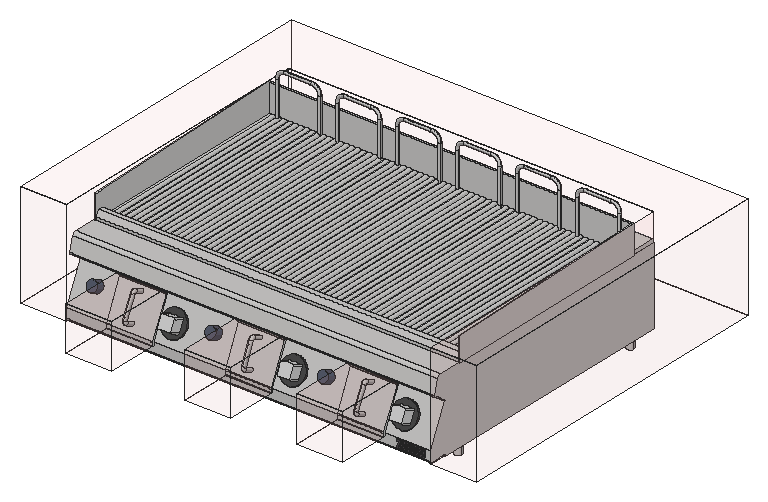
Revit family "QF_ZANUSSI_392066_Z9GRGLGC0P", category Specialty Equipment, Revit 2018
Family settings
  Round Connector Dimension = Use Diameter
  Part Type = Normal
  Work Plane-Based = No
  Always vertical = Yes
  Cut with Voids When Loaded = No
  Shared = No
  Room Calculation Point = No
Parameters
  Weight = 141.00 kg
  Watts = 0 W
  Volts = 0 V
  URL Manufacturer = ""
  URL = ""
  Steam Supply Size = 0"
  Steam Supply Minimum Pressure = 0.00 psi
  Steam Supply Maximum Pressure = 0.00 psi
  Steam Pounds per Hour = 0
  Show Logo [instance] = yes
  Show Clearance [instance] = yes
  Refrigeration Suction Line Size = 0"
  Refrigeration Liquid Line Size = 0"
  Refrigerant Compressor Remote = yes
  Phase = 0
  Model = ""
  Manufacturer = ""
  Length Actual = 1200 mm  # constant formula
  Item Number = ""
  Hot Water Size = 0"
  Height Actual = 250 mm  # constant formula
  HP = "0 HP"
  Gas Size = 0"
  Gas KW = 0
  Gas Input Pressure = 0.0 Btu/h
  Direct Waste Size = 0"
  Description = ""
  Depth Actual = 941 mm  # constant formula
  Cycle = 0 Hz
  Condensate Return Size = 0"
  Compressed Air Volume = 0 GPM
  Compressed Air Size = 0"
  Compressed Air Pressure = 0.00 psi
  Cold Water Size = 0"
  Assembly Code = ""
  Accessory = yes
Reference planes
  plane 1 "BACK": y = -0.25
  plane 2: z = 0
  plane 3 "LEFT": x = 0
  plane 4 "RIGHT": x = 1200
  plane 5 "FRONT": y = -915.25
  plane 6 "TOP": z = 288.313
  plane 7 "Center Y": x = 600
  plane 8 "Center X": y = -457.75
  plane 9 "BASE": z = 649.958
  plane 10 "TOP A": z = 899.958
  plane 11: y = -597.884
  plane 12: y = -147.637
  plane 13: z = 900
  plane 14 "2": z = 648.8
  plane 15 "3": z = 898.8
  plane 16: z = 1048.8
  plane 17: y = -1690.25
Forms (mm)
  Extrusion 1, solid, material "QF_Finishes_Stainless Steel"
    sketch origin (0, 0, 624.988) x (0, 1, 0) y (0, 0, 1)
      loop
        line (-0.25, 275.012) -> (-875.329, 275.012)
        arc (-875.329, 275.012) -> (-883.31, 272.303) -> (-887.993, 265.294) r 13.111
        line (-887.993, 265.294) -> (-900.098, 220.118)
        arc (-900.098, 220.118) -> (-899.175, 216.346) -> (-895.499, 215.098) r 4.036
        line (-895.499, 215.098) -> (-887.813, 216.453) -> (-857.93, 186.571) -> (-915.25, 63.672) -> (-915.25, 32.36)
        arc (-915.25, 32.36) -> (-914.092, 29.798) -> (-911.384, 28.918) r 3.5
        line (-911.384, 28.918) -> (-856.25, 34.713) -> (-856.25, 23.812) -> (-0.25, 23.812) -> (-0.25, 275.012)
    from 0 to 1200
  Extrusion 2, solid, material "QF_Finishes_Stainless Steel"
    sketch origin (0, 0, -1.158) x (0, 1, 0) y (0, 0, 1)
      loop
        line (-82.125, 995.177) -> (-799.446, 978.887) -> (-799.446, 901.158) -> (-82.125, 901.158) -> (-82.125, 995.177)
    from 0 to 3
  Extrusion 3, solid, material "QF_Finishes_Stainless Steel"
    sketch origin (0, 0, -1.158) x (0, 1, 0) y (0, 0, 1)
      loop
        line (-82.125, 908.175) -> (-82.125, 901.158) -> (-1.75, 901.158) -> (-1.75, 913.145) -> (-77.155, 913.145)
        arc (-77.155, 913.145) -> (-80.669, 911.69) -> (-82.125, 908.175) r 4.97
    from 3 to 1197
  Extrusion 4, solid, material "QF_Finishes_Stainless Steel"
    sketch origin (670.275, 0, -1.158) x (0, 1, 0) y (0, 0, 1)
      loop
        line (-861.126, 812.293) -> (-874.318, 825.485) -> (-875.379, 824.425) -> (-862.193, 811.239)
        arc (-862.193, 811.239) -> (-861.785, 810.452) -> (-861.892, 809.573) r 1.5
        line (-861.892, 809.573) -> (-916.472, 692.525)
        arc (-916.472, 692.525) -> (-916.679, 691.905) -> (-916.75, 691.256) r 3
        line (-916.75, 691.256) -> (-916.75, 680.216) -> (-915.25, 680.216) -> (-915.25, 691.407)
        arc (-915.25, 691.407) -> (-915.167, 692.164) -> (-914.922, 692.886) r 3.5
        line (-914.922, 692.886) -> (-860.262, 810.105)
        arc (-860.262, 810.105) -> (-860.471, 811.287) -> (-861.126, 812.293) r 3
    from 223.926 to 375.926
  Sweep 5, solid, material "QF_Finishes_Stainless Steel"
    path origin (970, 166.312, -5.968) x (0, 1, 0) y (0, 0, -1)
      loop
        line (-1035.202, -799.377) -> (-1062.131, -811.935)
        arc (-1062.131, -811.935) -> (-1067.866, -812.185) -> (-1072.098, -808.307) r 7.5
        line (-1072.098, -808.307) -> (-1102.949, -742.147)
        arc (-1102.949, -742.147) -> (-1103.2, -736.412) -> (-1099.322, -732.18) r 7.5
        line (-1099.322, -732.18) -> (-1072.346, -719.601)
    profile origin (970, -882.354, 799.688) x (0, 0.422618, 0.906308) y (-1, 0, 0)
      loop
        circle (0, 0) r 5
  Extrusion 6, solid, material "QF_Finishes_Clearance", visible <- "Show Clearance"
    sketch origin (0, 0, -1.158) x (1, 0, 0) y (0, 1, 0)
      loop
        line (0, -915.25) -> (0, -0.25) -> (1200, -0.25) -> (1200, -915.25) -> (1349, -915.25) -> (1349, 202.75) -> (-152, 202.75) -> (-152, -915.25) -> (0, -915.25)
    from 649.958 to 995.177
  Extrusion 7, solid, material "QF_Finishes_Clearance", visible <- "Show Clearance"
    sketch origin (670.275, 0, -1.158) x (0, 1, 0) y (0, 0, 1)
      loop
        line (-916.75, 676.216) -> (-916.75, 691.256)
        arc (-916.75, 691.256) -> (-916.679, 691.905) -> (-916.472, 692.525) r 3
        line (-916.472, 692.525) -> (-861.892, 809.573)
        arc (-861.892, 809.573) -> (-861.785, 810.452) -> (-862.193, 811.239) r 1.5
        line (-862.193, 811.239) -> (-876.44, 825.485) -> (-1085.25, 825.485) -> (-1085.25, 676.216) -> (-916.75, 676.216)
    from 223.926 to 375.926
  Extrusion 8, solid, material "QF_Finishes_Stainless Steel"
    sketch origin (4, -663, -1.158) x (1, 0, 0) y (0, 1, 0)
      loop
        circle (1144, -50.25) r 9.5
    from 639.958 to 662.998
  Extrusion 9, solid, material "QF_Finishes_Stainless Steel"
    sketch origin (1148.418, -138, 621.045) x (-1, 0, 0) y (0, 0, -1)
      loop
        arc (277.82, -278.955) -> (283.82, -284.955) -> (289.82, -278.955) r 6
        line (289.82, -278.955) -> (289.82, -275.955) -> (277.82, -275.955) -> (277.82, -278.955)
    from -44.663 to 636.446
  Extrusion 10, solid, material "QF_Finishes_Stainless Steel"
    sketch origin (1466.418, -138, 621.045) x (-1, 0, 0) y (0, 0, -1)
      loop
        arc (277.82, -278.955) -> (283.82, -284.955) -> (289.82, -278.955) r 6
        line (289.82, -278.955) -> (289.82, -275.955) -> (277.82, -275.955) -> (277.82, -278.955)
    from -44.663 to 636.446
  Extrusion 11, solid, material "QF_Finishes_Stainless Steel"
    sketch origin (1167.124, -138, 621.045) x (-1, 0, 0) y (0, 0, -1)
      loop
        arc (277.82, -278.955) -> (283.82, -284.955) -> (289.82, -278.955) r 6
        line (289.82, -278.955) -> (289.82, -275.955) -> (277.82, -275.955) -> (277.82, -278.955)
    from -44.663 to 636.446
  Extrusion 12, solid, material "QF_Finishes_Stainless Steel"
    sketch origin (1185.83, -138, 621.045) x (-1, 0, 0) y (0, 0, -1)
      loop
        arc (277.82, -278.955) -> (283.82, -284.955) -> (289.82, -278.955) r 6
        line (289.82, -278.955) -> (289.82, -275.955) -> (277.82, -275.955) -> (277.82, -278.955)
    from -44.663 to 636.446
  Extrusion 13, solid, material "QF_Finishes_Stainless Steel"
    sketch origin (1204.536, -138, 621.045) x (-1, 0, 0) y (0, 0, -1)
      loop
        arc (277.82, -278.955) -> (283.82, -284.955) -> (289.82, -278.955) r 6
        line (289.82, -278.955) -> (289.82, -275.955) -> (277.82, -275.955) -> (277.82, -278.955)
    from -44.663 to 636.446
  Extrusion 14, solid, material "QF_Finishes_Stainless Steel"
    sketch origin (1223.242, -138, 621.045) x (-1, 0, 0) y (0, 0, -1)
      loop
        arc (277.82, -278.955) -> (283.82, -284.955) -> (289.82, -278.955) r 6
        line (289.82, -278.955) -> (289.82, -275.955) -> (277.82, -275.955) -> (277.82, -278.955)
    from -44.663 to 636.446
  Extrusion 15, solid, material "QF_Finishes_Stainless Steel"
    sketch origin (1241.948, -138, 621.045) x (-1, 0, 0) y (0, 0, -1)
      loop
        arc (277.82, -278.955) -> (283.82, -284.955) -> (289.82, -278.955) r 6
        line (289.82, -278.955) -> (289.82, -275.955) -> (277.82, -275.955) -> (277.82, -278.955)
    from -44.663 to 636.446
  Extrusion 16, solid, material "QF_Finishes_Stainless Steel"
    sketch origin (1260.653, -138, 621.045) x (-1, 0, 0) y (0, 0, -1)
      loop
        arc (277.82, -278.955) -> (283.82, -284.955) -> (289.82, -278.955) r 6
        line (289.82, -278.955) -> (289.82, -275.955) -> (277.82, -275.955) -> (277.82, -278.955)
    from -44.663 to 636.446
  Extrusion 17, solid, material "QF_Finishes_Stainless Steel"
    sketch origin (1279.359, -138, 621.045) x (-1, 0, 0) y (0, 0, -1)
      loop
        arc (277.82, -278.955) -> (283.82, -284.955) -> (289.82, -278.955) r 6
        line (289.82, -278.955) -> (289.82, -275.955) -> (277.82, -275.955) -> (277.82, -278.955)
    from -44.663 to 636.446
  Extrusion 18, solid, material "QF_Finishes_Stainless Steel"
    sketch origin (1298.065, -138, 621.045) x (-1, 0, 0) y (0, 0, -1)
      loop
        arc (277.82, -278.955) -> (283.82, -284.955) -> (289.82, -278.955) r 6
        line (289.82, -278.955) -> (289.82, -275.955) -> (277.82, -275.955) -> (277.82, -278.955)
    from -44.663 to 636.446
  Extrusion 19, solid, material "QF_Finishes_Stainless Steel"
    sketch origin (1316.771, -138, 621.045) x (-1, 0, 0) y (0, 0, -1)
      loop
        arc (277.82, -278.955) -> (283.82, -284.955) -> (289.82, -278.955) r 6
        line (289.82, -278.955) -> (289.82, -275.955) -> (277.82, -275.955) -> (277.82, -278.955)
    from -44.663 to 636.446
  Extrusion 20, solid, material "QF_Finishes_Stainless Steel"
    sketch origin (1335.477, -138, 621.045) x (-1, 0, 0) y (0, 0, -1)
      loop
        arc (277.82, -278.955) -> (283.82, -284.955) -> (289.82, -278.955) r 6
        line (289.82, -278.955) -> (289.82, -275.955) -> (277.82, -275.955) -> (277.82, -278.955)
    from -44.663 to 636.446
  Extrusion 21, solid, material "QF_Finishes_Stainless Steel"
    sketch origin (1354.183, -138, 621.045) x (-1, 0, 0) y (0, 0, -1)
      loop
        arc (277.82, -278.955) -> (283.82, -284.955) -> (289.82, -278.955) r 6
        line (289.82, -278.955) -> (289.82, -275.955) -> (277.82, -275.955) -> (277.82, -278.955)
    from -44.663 to 636.446
  Extrusion 22, solid, material "QF_Finishes_Stainless Steel"
    sketch origin (1372.889, -138, 621.045) x (-1, 0, 0) y (0, 0, -1)
      loop
        arc (277.82, -278.955) -> (283.82, -284.955) -> (289.82, -278.955) r 6
        line (289.82, -278.955) -> (289.82, -275.955) -> (277.82, -275.955) -> (277.82, -278.955)
    from -44.663 to 636.446
  Extrusion 23, solid, material "QF_Finishes_Stainless Steel"
    sketch origin (1391.595, -138, 621.045) x (-1, 0, 0) y (0, 0, -1)
      loop
        arc (277.82, -278.955) -> (283.82, -284.955) -> (289.82, -278.955) r 6
        line (289.82, -278.955) -> (289.82, -275.955) -> (277.82, -275.955) -> (277.82, -278.955)
    from -44.663 to 636.446
  Extrusion 24, solid, material "QF_Finishes_Stainless Steel"
    sketch origin (1410.301, -138, 621.045) x (-1, 0, 0) y (0, 0, -1)
      loop
        arc (277.82, -278.955) -> (283.82, -284.955) -> (289.82, -278.955) r 6
        line (289.82, -278.955) -> (289.82, -275.955) -> (277.82, -275.955) -> (277.82, -278.955)
    from -44.663 to 636.446
  Extrusion 25, solid, material "QF_Finishes_Stainless Steel"
    sketch origin (1429.006, -138, 621.045) x (-1, 0, 0) y (0, 0, -1)
      loop
        arc (277.82, -278.955) -> (283.82, -284.955) -> (289.82, -278.955) r 6
        line (289.82, -278.955) -> (289.82, -275.955) -> (277.82, -275.955) -> (277.82, -278.955)
    from -44.663 to 636.446
  Extrusion 26, solid, material "QF_Finishes_Stainless Steel"
    sketch origin (1447.712, -138, 621.045) x (-1, 0, 0) y (0, 0, -1)
      loop
        arc (277.82, -278.955) -> (283.82, -284.955) -> (289.82, -278.955) r 6
        line (289.82, -278.955) -> (289.82, -275.955) -> (277.82, -275.955) -> (277.82, -278.955)
    from -44.663 to 636.446
  Extrusion 27, solid, material "QF_Finishes_Stainless Steel"
    sketch origin (1129.712, -138, 621.045) x (-1, 0, 0) y (0, 0, -1)
      loop
        arc (277.82, -278.955) -> (283.82, -284.955) -> (289.82, -278.955) r 6
        line (289.82, -278.955) -> (289.82, -275.955) -> (277.82, -275.955) -> (277.82, -278.955)
    from -44.663 to 636.446
  Extrusion 28, solid, material "QF_Finishes_Stainless Steel"
    sketch origin (1111.006, -138, 621.045) x (-1, 0, 0) y (0, 0, -1)
      loop
        arc (277.82, -278.955) -> (283.82, -284.955) -> (289.82, -278.955) r 6
        line (289.82, -278.955) -> (289.82, -275.955) -> (277.82, -275.955) -> (277.82, -278.955)
    from -44.663 to 636.446
  Extrusion 29, solid, material "QF_Finishes_Stainless Steel"
    sketch origin (1092.301, -138, 621.045) x (-1, 0, 0) y (0, 0, -1)
      loop
        arc (277.82, -278.955) -> (283.82, -284.955) -> (289.82, -278.955) r 6
        line (289.82, -278.955) -> (289.82, -275.955) -> (277.82, -275.955) -> (277.82, -278.955)
    from -44.663 to 636.446
  Extrusion 30, solid, material "QF_Finishes_Stainless Steel"
    sketch origin (0, 0, 0) x (1, 0, 0) y (0, 1, 0)
      loop
        line (3, -82.125) -> (3, -85.125) -> (1197, -85.125) -> (1197, -82.125) -> (3, -82.125)
    from 900 to 994.019
  Extrusion 31, solid, material "QF_Finishes_Stainless Steel"
    sketch origin (1200, 0, -1.158) x (0, 1, 0) y (0, 0, -1)
      loop
        line (-82.125, -995.177) -> (-82.125, -901.158) -> (-799.446, -901.158) -> (-799.446, -978.887) -> (-82.125, -995.177)
    from 0 to 3
  Sweep 32, solid, material "QF_Finishes_Stainless Steel"
    path origin (1021.375, -95.125, 0) x (-1, 0, 0) y (0, 0, -1)
      loop
        line (984, -900) -> (984, -1019.8)
        arc (984, -1019.8) -> (976.678, -1037.478) -> (959, -1044.8) r 25
        line (959, -1044.8) -> (869, -1044.8)
        arc (869, -1044.8) -> (851.322, -1037.478) -> (844, -1019.8) r 25
        line (844, -1019.8) -> (844, -900)
    profile origin (37.375, -95.125, 959.9) x (-1, 0, 0) y (0, -1, 0)
      loop
        circle (0, 0) r 4
  Sweep 33, solid, material "QF_Finishes_Stainless Steel"
    path origin (2008.25, -95.125, 0) x (-1, 0, 0) y (0, 0, -1)
      loop
        line (984, -900) -> (984, -1019.8)
        arc (984, -1019.8) -> (976.678, -1037.478) -> (959, -1044.8) r 25
        line (959, -1044.8) -> (869, -1044.8)
        arc (869, -1044.8) -> (851.322, -1037.478) -> (844, -1019.8) r 25
        line (844, -1019.8) -> (844, -900)
    profile origin (1024.25, -95.125, 959.9) x (-1, 0, 0) y (0, -1, 0)
      loop
        circle (0, 0) r 4
  Sweep 34, solid, material "QF_Finishes_Stainless Steel"
    path origin (1218.75, -95.125, 0) x (-1, 0, 0) y (0, 0, -1)
      loop
        line (984, -900) -> (984, -1019.8)
        arc (984, -1019.8) -> (976.678, -1037.478) -> (959, -1044.8) r 25
        line (959, -1044.8) -> (869, -1044.8)
        arc (869, -1044.8) -> (851.322, -1037.478) -> (844, -1019.8) r 25
        line (844, -1019.8) -> (844, -900)
    profile origin (234.75, -95.125, 959.9) x (-1, 0, 0) y (0, -1, 0)
      loop
        circle (0, 0) r 4
  Sweep 35, solid, material "QF_Finishes_Stainless Steel"
    path origin (1416.125, -95.125, 0) x (-1, 0, 0) y (0, 0, -1)
      loop
        line (984, -900) -> (984, -1019.8)
        arc (984, -1019.8) -> (976.678, -1037.478) -> (959, -1044.8) r 25
        line (959, -1044.8) -> (869, -1044.8)
        arc (869, -1044.8) -> (851.322, -1037.478) -> (844, -1019.8) r 25
        line (844, -1019.8) -> (844, -900)
    profile origin (432.125, -95.125, 959.9) x (-1, 0, 0) y (0, -1, 0)
      loop
        circle (0, 0) r 4
  Sweep 36, solid, material "QF_Finishes_Stainless Steel"
    path origin (1613.5, -95.125, 0) x (-1, 0, 0) y (0, 0, -1)
      loop
        line (984, -900) -> (984, -1019.8)
        arc (984, -1019.8) -> (976.678, -1037.478) -> (959, -1044.8) r 25
        line (959, -1044.8) -> (869, -1044.8)
        arc (869, -1044.8) -> (851.322, -1037.478) -> (844, -1019.8) r 25
        line (844, -1019.8) -> (844, -900)
    profile origin (629.5, -95.125, 959.9) x (-1, 0, 0) y (0, -1, 0)
      loop
        circle (0, 0) r 4
  Sweep 37, solid, material "QF_Finishes_Stainless Steel"
    path origin (1810.875, -95.125, 0) x (-1, 0, 0) y (0, 0, -1)
      loop
        line (984, -900) -> (984, -1019.8)
        arc (984, -1019.8) -> (976.678, -1037.478) -> (959, -1044.8) r 25
        line (959, -1044.8) -> (869, -1044.8)
        arc (869, -1044.8) -> (851.322, -1037.478) -> (844, -1019.8) r 25
        line (844, -1019.8) -> (844, -900)
    profile origin (826.875, -95.125, 959.9) x (-1, 0, 0) y (0, -1, 0)
      loop
        circle (0, 0) r 4
  Extrusion 38, solid, material "QF_Finishes_Stainless Steel"
    sketch origin (774.3, -138, 621.045) x (-1, 0, 0) y (0, 0, -1)
      loop
        arc (277.82, -278.955) -> (283.82, -284.955) -> (289.82, -278.955) r 6
        line (289.82, -278.955) -> (289.82, -275.955) -> (277.82, -275.955) -> (277.82, -278.955)
    from -44.663 to 636.446
  Extrusion 39, solid, material "QF_Finishes_Stainless Steel"
    sketch origin (793.006, -138, 621.045) x (-1, 0, 0) y (0, 0, -1)
      loop
        arc (277.82, -278.955) -> (283.82, -284.955) -> (289.82, -278.955) r 6
        line (289.82, -278.955) -> (289.82, -275.955) -> (277.82, -275.955) -> (277.82, -278.955)
    from -44.663 to 636.446
  Extrusion 40, solid, material "QF_Finishes_Stainless Steel"
    sketch origin (811.712, -138, 621.045) x (-1, 0, 0) y (0, 0, -1)
      loop
        arc (277.82, -278.955) -> (283.82, -284.955) -> (289.82, -278.955) r 6
        line (289.82, -278.955) -> (289.82, -275.955) -> (277.82, -275.955) -> (277.82, -278.955)
    from -44.663 to 636.446
  Extrusion 41, solid, material "QF_Finishes_Stainless Steel"
    sketch origin (830.418, -138, 621.045) x (-1, 0, 0) y (0, 0, -1)
      loop
        arc (277.82, -278.955) -> (283.82, -284.955) -> (289.82, -278.955) r 6
        line (289.82, -278.955) -> (289.82, -275.955) -> (277.82, -275.955) -> (277.82, -278.955)
    from -44.663 to 636.446
  Extrusion 42, solid, material "QF_Finishes_Stainless Steel"
    sketch origin (849.124, -138, 621.045) x (-1, 0, 0) y (0, 0, -1)
      loop
        arc (277.82, -278.955) -> (283.82, -284.955) -> (289.82, -278.955) r 6
        line (289.82, -278.955) -> (289.82, -275.955) -> (277.82, -275.955) -> (277.82, -278.955)
    from -44.663 to 636.446
  Extrusion 43, solid, material "QF_Finishes_Stainless Steel"
    sketch origin (867.83, -138, 621.045) x (-1, 0, 0) y (0, 0, -1)
      loop
        arc (277.82, -278.955) -> (283.82, -284.955) -> (289.82, -278.955) r 6
        line (289.82, -278.955) -> (289.82, -275.955) -> (277.82, -275.955) -> (277.82, -278.955)
    from -44.663 to 636.446
  Extrusion 44, solid, material "QF_Finishes_Stainless Steel"
    sketch origin (886.536, -138, 621.045) x (-1, 0, 0) y (0, 0, -1)
      loop
        arc (277.82, -278.955) -> (283.82, -284.955) -> (289.82, -278.955) r 6
        line (289.82, -278.955) -> (289.82, -275.955) -> (277.82, -275.955) -> (277.82, -278.955)
    from -44.663 to 636.446
  Extrusion 45, solid, material "QF_Finishes_Stainless Steel"
    sketch origin (905.242, -138, 621.045) x (-1, 0, 0) y (0, 0, -1)
      loop
        arc (277.82, -278.955) -> (283.82, -284.955) -> (289.82, -278.955) r 6
        line (289.82, -278.955) -> (289.82, -275.955) -> (277.82, -275.955) -> (277.82, -278.955)
    from -44.663 to 636.446
  Extrusion 46, solid, material "QF_Finishes_Stainless Steel"
    sketch origin (923.948, -138, 621.045) x (-1, 0, 0) y (0, 0, -1)
      loop
        arc (277.82, -278.955) -> (283.82, -284.955) -> (289.82, -278.955) r 6
        line (289.82, -278.955) -> (289.82, -275.955) -> (277.82, -275.955) -> (277.82, -278.955)
    from -44.663 to 636.446
  Extrusion 47, solid, material "QF_Finishes_Stainless Steel"
    sketch origin (942.653, -138, 621.045) x (-1, 0, 0) y (0, 0, -1)
      loop
        arc (277.82, -278.955) -> (283.82, -284.955) -> (289.82, -278.955) r 6
        line (289.82, -278.955) -> (289.82, -275.955) -> (277.82, -275.955) -> (277.82, -278.955)
    from -44.663 to 636.446
  Extrusion 48, solid, material "QF_Finishes_Stainless Steel"
    sketch origin (961.359, -138, 621.045) x (-1, 0, 0) y (0, 0, -1)
      loop
        arc (277.82, -278.955) -> (283.82, -284.955) -> (289.82, -278.955) r 6
        line (289.82, -278.955) -> (289.82, -275.955) -> (277.82, -275.955) -> (277.82, -278.955)
    from -44.663 to 636.446
  Extrusion 49, solid, material "QF_Finishes_Stainless Steel"
    sketch origin (980.065, -138, 621.045) x (-1, 0, 0) y (0, 0, -1)
      loop
        arc (277.82, -278.955) -> (283.82, -284.955) -> (289.82, -278.955) r 6
        line (289.82, -278.955) -> (289.82, -275.955) -> (277.82, -275.955) -> (277.82, -278.955)
    from -44.663 to 636.446
  Extrusion 50, solid, material "QF_Finishes_Stainless Steel"
    sketch origin (998.771, -138, 621.045) x (-1, 0, 0) y (0, 0, -1)
      loop
        arc (277.82, -278.955) -> (283.82, -284.955) -> (289.82, -278.955) r 6
        line (289.82, -278.955) -> (289.82, -275.955) -> (277.82, -275.955) -> (277.82, -278.955)
    from -44.663 to 636.446
  Extrusion 51, solid, material "QF_Finishes_Stainless Steel"
    sketch origin (1017.477, -138, 621.045) x (-1, 0, 0) y (0, 0, -1)
      loop
        arc (277.82, -278.955) -> (283.82, -284.955) -> (289.82, -278.955) r 6
        line (289.82, -278.955) -> (289.82, -275.955) -> (277.82, -275.955) -> (277.82, -278.955)
    from -44.663 to 636.446
  Extrusion 52, solid, material "QF_Finishes_Stainless Steel"
    sketch origin (1036.183, -138, 621.045) x (-1, 0, 0) y (0, 0, -1)
      loop
        arc (277.82, -278.955) -> (283.82, -284.955) -> (289.82, -278.955) r 6
        line (289.82, -278.955) -> (289.82, -275.955) -> (277.82, -275.955) -> (277.82, -278.955)
    from -44.663 to 636.446
  Extrusion 53, solid, material "QF_Finishes_Stainless Steel"
    sketch origin (1054.889, -138, 621.045) x (-1, 0, 0) y (0, 0, -1)
      loop
        arc (277.82, -278.955) -> (283.82, -284.955) -> (289.82, -278.955) r 6
        line (289.82, -278.955) -> (289.82, -275.955) -> (277.82, -275.955) -> (277.82, -278.955)
    from -44.663 to 636.446
  Extrusion 54, solid, material "QF_Finishes_Stainless Steel"
    sketch origin (1073.595, -138, 621.045) x (-1, 0, 0) y (0, 0, -1)
      loop
        arc (277.82, -278.955) -> (283.82, -284.955) -> (289.82, -278.955) r 6
        line (289.82, -278.955) -> (289.82, -275.955) -> (277.82, -275.955) -> (277.82, -278.955)
    from -44.663 to 636.446
  Extrusion 55, solid, material "QF_Finishes_Stainless Steel"
    sketch origin (755.595, -138, 621.045) x (-1, 0, 0) y (0, 0, -1)
      loop
        arc (277.82, -278.955) -> (283.82, -284.955) -> (289.82, -278.955) r 6
        line (289.82, -278.955) -> (289.82, -275.955) -> (277.82, -275.955) -> (277.82, -278.955)
    from -44.663 to 636.446
  Extrusion 56, solid, material "QF_Finishes_Stainless Steel"
    sketch origin (736.889, -138, 621.045) x (-1, 0, 0) y (0, 0, -1)
      loop
        arc (277.82, -278.955) -> (283.82, -284.955) -> (289.82, -278.955) r 6
        line (289.82, -278.955) -> (289.82, -275.955) -> (277.82, -275.955) -> (277.82, -278.955)
    from -44.663 to 636.446
  Extrusion 57, solid, material "QF_Finishes_Stainless Steel"
    sketch origin (718.183, -138, 621.045) x (-1, 0, 0) y (0, 0, -1)
      loop
        arc (277.82, -278.955) -> (283.82, -284.955) -> (289.82, -278.955) r 6
        line (289.82, -278.955) -> (289.82, -275.955) -> (277.82, -275.955) -> (277.82, -278.955)
    from -44.663 to 636.446
  Extrusion 58, solid, material "QF_Finishes_Stainless Steel"
    sketch origin (400.183, -138, 621.045) x (-1, 0, 0) y (0, 0, -1)
      loop
        arc (277.82, -278.955) -> (283.82, -284.955) -> (289.82, -278.955) r 6
        line (289.82, -278.955) -> (289.82, -275.955) -> (277.82, -275.955) -> (277.82, -278.955)
    from -44.663 to 636.446
  Extrusion 59, solid, material "QF_Finishes_Stainless Steel"
    sketch origin (418.889, -138, 621.045) x (-1, 0, 0) y (0, 0, -1)
      loop
        arc (277.82, -278.955) -> (283.82, -284.955) -> (289.82, -278.955) r 6
        line (289.82, -278.955) -> (289.82, -275.955) -> (277.82, -275.955) -> (277.82, -278.955)
    from -44.663 to 636.446
  Extrusion 60, solid, material "QF_Finishes_Stainless Steel"
    sketch origin (437.595, -138, 621.045) x (-1, 0, 0) y (0, 0, -1)
      loop
        arc (277.82, -278.955) -> (283.82, -284.955) -> (289.82, -278.955) r 6
        line (289.82, -278.955) -> (289.82, -275.955) -> (277.82, -275.955) -> (277.82, -278.955)
    from -44.663 to 636.446
  Extrusion 61, solid, material "QF_Finishes_Stainless Steel"
    sketch origin (456.3, -138, 621.045) x (-1, 0, 0) y (0, 0, -1)
      loop
        arc (277.82, -278.955) -> (283.82, -284.955) -> (289.82, -278.955) r 6
        line (289.82, -278.955) -> (289.82, -275.955) -> (277.82, -275.955) -> (277.82, -278.955)
    from -44.663 to 636.446
  Extrusion 62, solid, material "QF_Finishes_Stainless Steel"
    sketch origin (475.006, -138, 621.045) x (-1, 0, 0) y (0, 0, -1)
      loop
        arc (277.82, -278.955) -> (283.82, -284.955) -> (289.82, -278.955) r 6
        line (289.82, -278.955) -> (289.82, -275.955) -> (277.82, -275.955) -> (277.82, -278.955)
    from -44.663 to 636.446
  Extrusion 63, solid, material "QF_Finishes_Stainless Steel"
    sketch origin (493.712, -138, 621.045) x (-1, 0, 0) y (0, 0, -1)
      loop
        arc (277.82, -278.955) -> (283.82, -284.955) -> (289.82, -278.955) r 6
        line (289.82, -278.955) -> (289.82, -275.955) -> (277.82, -275.955) -> (277.82, -278.955)
    from -44.663 to 636.446
  Extrusion 64, solid, material "QF_Finishes_Stainless Steel"
    sketch origin (512.418, -138, 621.045) x (-1, 0, 0) y (0, 0, -1)
      loop
        arc (277.82, -278.955) -> (283.82, -284.955) -> (289.82, -278.955) r 6
        line (289.82, -278.955) -> (289.82, -275.955) -> (277.82, -275.955) -> (277.82, -278.955)
    from -44.663 to 636.446
  Extrusion 65, solid, material "QF_Finishes_Stainless Steel"
    sketch origin (531.124, -138, 621.045) x (-1, 0, 0) y (0, 0, -1)
      loop
        arc (277.82, -278.955) -> (283.82, -284.955) -> (289.82, -278.955) r 6
        line (289.82, -278.955) -> (289.82, -275.955) -> (277.82, -275.955) -> (277.82, -278.955)
    from -44.663 to 636.446
  Extrusion 66, solid, material "QF_Finishes_Stainless Steel"
    sketch origin (549.83, -138, 621.045) x (-1, 0, 0) y (0, 0, -1)
      loop
        arc (277.82, -278.955) -> (283.82, -284.955) -> (289.82, -278.955) r 6
        line (289.82, -278.955) -> (289.82, -275.955) -> (277.82, -275.955) -> (277.82, -278.955)
    from -44.663 to 636.446
  Extrusion 67, solid, material "QF_Finishes_Stainless Steel"
    sketch origin (568.536, -138, 621.045) x (-1, 0, 0) y (0, 0, -1)
      loop
        arc (277.82, -278.955) -> (283.82, -284.955) -> (289.82, -278.955) r 6
        line (289.82, -278.955) -> (289.82, -275.955) -> (277.82, -275.955) -> (277.82, -278.955)
    from -44.663 to 636.446
  Extrusion 68, solid, material "QF_Finishes_Stainless Steel"
    sketch origin (587.242, -138, 621.045) x (-1, 0, 0) y (0, 0, -1)
      loop
        arc (277.82, -278.955) -> (283.82, -284.955) -> (289.82, -278.955) r 6
        line (289.82, -278.955) -> (289.82, -275.955) -> (277.82, -275.955) -> (277.82, -278.955)
    from -44.663 to 636.446
  Extrusion 69, solid, material "QF_Finishes_Stainless Steel"
    sketch origin (605.947, -138, 621.045) x (-1, 0, 0) y (0, 0, -1)
      loop
        arc (277.82, -278.955) -> (283.82, -284.955) -> (289.82, -278.955) r 6
        line (289.82, -278.955) -> (289.82, -275.955) -> (277.82, -275.955) -> (277.82, -278.955)
    from -44.663 to 636.446
  Extrusion 70, solid, material "QF_Finishes_Stainless Steel"
    sketch origin (624.653, -138, 621.045) x (-1, 0, 0) y (0, 0, -1)
      loop
        arc (277.82, -278.955) -> (283.82, -284.955) -> (289.82, -278.955) r 6
        line (289.82, -278.955) -> (289.82, -275.955) -> (277.82, -275.955) -> (277.82, -278.955)
    from -44.663 to 636.446
  Extrusion 71, solid, material "QF_Finishes_Stainless Steel"
    sketch origin (643.359, -138, 621.045) x (-1, 0, 0) y (0, 0, -1)
      loop
        arc (277.82, -278.955) -> (283.82, -284.955) -> (289.82, -278.955) r 6
        line (289.82, -278.955) -> (289.82, -275.955) -> (277.82, -275.955) -> (277.82, -278.955)
    from -44.663 to 636.446
  Extrusion 72, solid, material "QF_Finishes_Stainless Steel"
    sketch origin (662.065, -138, 621.045) x (-1, 0, 0) y (0, 0, -1)
      loop
        arc (277.82, -278.955) -> (283.82, -284.955) -> (289.82, -278.955) r 6
        line (289.82, -278.955) -> (289.82, -275.955) -> (277.82, -275.955) -> (277.82, -278.955)
    from -44.663 to 636.446
  Extrusion 73, solid, material "QF_Finishes_Stainless Steel"
    sketch origin (680.771, -138, 621.045) x (-1, 0, 0) y (0, 0, -1)
      loop
        arc (277.82, -278.955) -> (283.82, -284.955) -> (289.82, -278.955) r 6
        line (289.82, -278.955) -> (289.82, -275.955) -> (277.82, -275.955) -> (277.82, -278.955)
    from -44.663 to 636.446
  Extrusion 74, solid, material "QF_Finishes_Stainless Steel"
    sketch origin (699.477, -138, 621.045) x (-1, 0, 0) y (0, 0, -1)
      loop
        arc (277.82, -278.955) -> (283.82, -284.955) -> (289.82, -278.955) r 6
        line (289.82, -278.955) -> (289.82, -275.955) -> (277.82, -275.955) -> (277.82, -278.955)
    from -44.663 to 636.446
  Extrusion 75, solid, material "QF_Finishes_Stainless Steel"
    sketch origin (381.477, -138, 621.045) x (-1, 0, 0) y (0, 0, -1)
      loop
        arc (277.82, -278.955) -> (283.82, -284.955) -> (289.82, -278.955) r 6
        line (289.82, -278.955) -> (289.82, -275.955) -> (277.82, -275.955) -> (277.82, -278.955)
    from -44.663 to 636.446
  Extrusion 76, solid, material "QF_Finishes_Stainless Steel"
    sketch origin (362.771, -138, 621.045) x (-1, 0, 0) y (0, 0, -1)
      loop
        arc (277.82, -278.955) -> (283.82, -284.955) -> (289.82, -278.955) r 6
        line (289.82, -278.955) -> (289.82, -275.955) -> (277.82, -275.955) -> (277.82, -278.955)
    from -44.663 to 636.446
  Extrusion 77, solid, material "QF_Finishes_Stainless Steel"
    sketch origin (344.065, -138, 621.045) x (-1, 0, 0) y (0, 0, -1)
      loop
        arc (277.82, -278.955) -> (283.82, -284.955) -> (289.82, -278.955) r 6
        line (289.82, -278.955) -> (289.82, -275.955) -> (277.82, -275.955) -> (277.82, -278.955)
    from -44.663 to 636.446
  Extrusion 78, solid, material "QF_Finishes_Stainless Steel"
    sketch origin (306.653, -138, 621.045) x (-1, 0, 0) y (0, 0, -1)
      loop
        arc (277.82, -278.955) -> (283.82, -284.955) -> (289.82, -278.955) r 6
        line (289.82, -278.955) -> (289.82, -275.955) -> (277.82, -275.955) -> (277.82, -278.955)
    from -44.663 to 636.446
  Extrusion 79, solid, material "QF_Finishes_Stainless Steel"
    sketch origin (325.359, -138, 621.045) x (-1, 0, 0) y (0, 0, -1)
      loop
        arc (277.82, -278.955) -> (283.82, -284.955) -> (289.82, -278.955) r 6
        line (289.82, -278.955) -> (289.82, -275.955) -> (277.82, -275.955) -> (277.82, -278.955)
    from -44.663 to 636.446
  Extrusion 80, solid, material "QF_Finishes_Stainless Steel"
    sketch origin (0, 0, 71.766) x (1, 0, 0) y (0, 1, 0)
      loop
        circle (11, -790.236) r 11
      loop
        circle (1189, -790.236) r 11
      loop
        circle (11, -82.25) r 11
      loop
        circle (1189, -82.25) r 11
    from 553.034 to 577.034
  Extrusion 81, solid, material "QF_Finishes_Stainless Steel"
    sketch origin (300.074, 0, -1.158) x (0, 1, 0) y (0, 0, 1)
      loop
        line (-861.126, 812.293) -> (-874.318, 825.485) -> (-875.379, 824.425) -> (-862.193, 811.239)
        arc (-862.193, 811.239) -> (-861.785, 810.452) -> (-861.892, 809.573) r 1.5
        line (-861.892, 809.573) -> (-916.472, 692.525)
        arc (-916.472, 692.525) -> (-916.679, 691.905) -> (-916.75, 691.256) r 3
        line (-916.75, 691.256) -> (-916.75, 680.216) -> (-915.25, 680.216) -> (-915.25, 691.407)
        arc (-915.25, 691.407) -> (-915.167, 692.164) -> (-914.922, 692.886) r 3.5
        line (-914.922, 692.886) -> (-860.262, 810.105)
        arc (-860.262, 810.105) -> (-860.471, 811.287) -> (-861.126, 812.293) r 3
    from 223.926 to 375.926
  Sweep 82, solid, material "QF_Finishes_Stainless Steel"
    path origin (599.799, 166.312, -5.968) x (0, 1, 0) y (0, 0, -1)
      loop
        line (-1035.202, -799.377) -> (-1062.131, -811.935)
        arc (-1062.131, -811.935) -> (-1067.866, -812.185) -> (-1072.098, -808.307) r 7.5
        line (-1072.098, -808.307) -> (-1102.949, -742.147)
        arc (-1102.949, -742.147) -> (-1103.2, -736.412) -> (-1099.322, -732.18) r 7.5
        line (-1099.322, -732.18) -> (-1072.346, -719.601)
    profile origin (599.799, -882.354, 799.688) x (0, 0.422618, 0.906308) y (-1, 0, 0)
      loop
        circle (0, 0) r 5
  Extrusion 83, solid, material "QF_Finishes_Clearance", visible <- "Show Clearance"
    sketch origin (300.074, 0, -1.158) x (0, 1, 0) y (0, 0, 1)
      loop
        line (-916.75, 676.216) -> (-916.75, 691.256)
        arc (-916.75, 691.256) -> (-916.679, 691.905) -> (-916.472, 692.525) r 3
        line (-916.472, 692.525) -> (-861.892, 809.573)
        arc (-861.892, 809.573) -> (-861.785, 810.452) -> (-862.193, 811.239) r 1.5
        line (-862.193, 811.239) -> (-876.44, 825.485) -> (-1085.25, 825.485) -> (-1085.25, 676.216) -> (-916.75, 676.216)
    from 223.926 to 375.926
  Extrusion 84, solid, material "QF_Finishes_Navy Blue"
    sketch origin (300.074, -917.243, 684.386) x (0, 0.422688, 0.906275) y (-1, 0, 0)
      loop
        circle (87.829, -164.461) r 18
    from 0 to 25
  Extrusion 85, solid, material "QF_Finishes_Navy Blue"
    sketch origin (670.275, -917.243, 684.386) x (0, 0.422688, 0.906275) y (-1, 0, 0)
      loop
        circle (87.829, -164.461) r 18
    from 0 to 25
  Extrusion 86, solid, material "QF_Finishes_Stainless Steel"
    sketch origin (-90, 0, -1.158) x (0, 1, 0) y (0, 0, 1)
      loop
        line (-861.126, 812.293) -> (-874.318, 825.485) -> (-875.379, 824.425) -> (-862.193, 811.239)
        arc (-862.193, 811.239) -> (-861.785, 810.452) -> (-861.892, 809.573) r 1.5
        line (-861.892, 809.573) -> (-916.472, 692.525)
        arc (-916.472, 692.525) -> (-916.679, 691.905) -> (-916.75, 691.256) r 3
        line (-916.75, 691.256) -> (-916.75, 680.216) -> (-915.25, 680.216) -> (-915.25, 691.407)
        arc (-915.25, 691.407) -> (-915.167, 692.164) -> (-914.922, 692.886) r 3.5
        line (-914.922, 692.886) -> (-860.262, 810.105)
        arc (-860.262, 810.105) -> (-860.471, 811.287) -> (-861.126, 812.293) r 3
    from 223.926 to 375.926
  Sweep 87, solid, material "QF_Finishes_Stainless Steel"
    path origin (210, 166.312, -5.968) x (0, 1, 0) y (0, 0, 1)
      loop
        line (-1035.202, 799.377) -> (-1062.131, 811.935)
        arc (-1062.131, 811.935) -> (-1067.866, 812.185) -> (-1072.098, 808.307) r 7.5
        line (-1072.098, 808.307) -> (-1102.949, 742.147)
        arc (-1102.949, 742.147) -> (-1103.2, 736.412) -> (-1099.322, 732.18) r 7.5
        line (-1099.322, 732.18) -> (-1072.346, 719.601)
    profile origin (210, -882.354, 799.688) x (0, -0.422618, -0.906308) y (1, 0, 0)
      loop
        circle (0, 0) r 5
  Extrusion 88, solid, material "QF_Finishes_Clearance", visible <- "Show Clearance"
    sketch origin (-90, 0, -1.158) x (0, 1, 0) y (0, 0, 1)
      loop
        line (-916.75, 676.216) -> (-916.75, 691.256)
        arc (-916.75, 691.256) -> (-916.679, 691.905) -> (-916.472, 692.525) r 3
        line (-916.472, 692.525) -> (-861.892, 809.573)
        arc (-861.892, 809.573) -> (-861.785, 810.452) -> (-862.193, 811.239) r 1.5
        line (-862.193, 811.239) -> (-876.44, 825.485) -> (-1085.25, 825.485) -> (-1085.25, 676.216) -> (-916.75, 676.216)
    from 223.926 to 375.926
  Extrusion 89, solid, material "QF_Finishes_Navy Blue"
    sketch origin (-90, -917.243, 684.386) x (0, 0.422688, 0.906275) y (-1, 0, 0)
      loop
        circle (87.829, -164.461) r 18
    from 0 to 25
  Extrusion 90, solid, material "QF_Finishes_Stainless Steel"
    sketch origin (4, 0, -1.158) x (1, 0, 0) y (0, 1, 0)
      loop
        circle (1144, -50.25) r 9.5
    from 639.958 to 662.998
  Extrusion 91, solid, material "QF_Finishes_Stainless Steel"
    sketch origin (0, 0, 0) x (0, 1, 0) y (0, 0, 1)
      loop
        line (-799.446, 899.958) -> (-774.446, 899.958) -> (-774.446, 927) -> (-789.446, 927) -> (-799.446, 909.679) -> (-799.446, 899.958)
    from 3 to 1197
Cuts and joins
  joined: Extrusion 1, Extrusion 9, Extrusion 10, Extrusion 11, Extrusion 12, Extrusion 13, Extrusion 14, Extrusion 15, Extrusion 16, Extrusion 17, Extrusion 18, Extrusion 19, Extrusion 20, Extrusion 21, Extrusion 22, Extrusion 23, Extrusion 24, Extrusion 25, Extrusion 26, Extrusion 27, Extrusion 28, Extrusion 29, Extrusion 38, Extrusion 39, Extrusion 40, Extrusion 41, Extrusion 42, Extrusion 43, Extrusion 44, Extrusion 45, Extrusion 46, Extrusion 47, Extrusion 48, Extrusion 49, Extrusion 50, Extrusion 51, Extrusion 52, Extrusion 53, Extrusion 54, Extrusion 55, Extrusion 56, Extrusion 57, Extrusion 58, Extrusion 59, Extrusion 60, Extrusion 61, Extrusion 62, Extrusion 63, Extrusion 64, Extrusion 65, Extrusion 66, Extrusion 67, Extrusion 68, Extrusion 69, Extrusion 70, Extrusion 71, Extrusion 72, Extrusion 73, Extrusion 74, Extrusion 75, Extrusion 76, Extrusion 77, Extrusion 78, Extrusion 79
Lines and regions (mm)
  symbolic lines
    curve 1: line (0, -0.25, 0) -> (1200, -0.25, 0)
    curve 2: line (0, -915.25, 0) -> (0, -0.25, 0)
    curve 3: line (1200, -0.25, 0) -> (1200, -915.25, 0)
    curve 4: line (3, -82.125, 0) -> (1197, -82.125, 0)
    curve 5: line (0, -799.446, 0) -> (1200, -799.446, 0)
    curve 6: line (1197, -774.446, 0) -> (3, -774.446, 0)
    curve 7: line (3, -799.446, 0) -> (3, -0.25, 0)
    curve 8: line (1197, -799.446, 0) -> (1197, -0.25, 0)
    curve 9: line (0, -856.25, 0) -> (1200, -856.25, 0)
    curve 11: line (0, -887.993, 0) -> (1200, -887.993, 0)
    curve 12: line (311.136, -915.25, 0) -> (0, -915.25, 0)
    curve 13: line (354.864, -915.25, 0) -> (703.635, -915.25, 0)
    curve 14: line (747.364, -915.25, 0) -> (728.636, -915.25, 0)
    curve 15: line (772.364, -915.25, 0) -> (1072.386, -915.25, 0)
    curve 16: line (1116.114, -915.25, 0) -> (1200, -915.25, 0)
    curve 17: line (802.48, -774.446, 0) -> (802.48, -82.125, 0)
    curve 18: line (821.186, -774.446, 0) -> (821.186, -82.125, 0)
    curve 19: line (839.892, -774.446, 0) -> (839.892, -82.125, 0)
    curve 20: line (858.598, -774.446, 0) -> (858.598, -82.125, 0)
    curve 21: line (877.304, -774.446, 0) -> (877.304, -82.125, 0)
    curve 22: line (896.01, -774.446, 0) -> (896.01, -82.125, 0)
    curve 23: line (914.716, -774.446, 0) -> (914.716, -82.125, 0)
    curve 24: line (933.422, -774.446, 0) -> (933.422, -82.125, 0)
    curve 25: line (952.127, -774.446, 0) -> (952.127, -82.125, 0)
    curve 26: line (970.833, -774.446, 0) -> (970.833, -82.125, 0)
    curve 27: line (989.539, -774.446, 0) -> (989.539, -82.125, 0)
    curve 28: line (1008.245, -774.446, 0) -> (1008.245, -82.125, 0)
    curve 29: line (1026.951, -774.446, 0) -> (1026.951, -82.125, 0)
    curve 30: line (1045.657, -774.446, 0) -> (1045.657, -82.125, 0)
    curve 31: line (1064.363, -774.446, 0) -> (1064.363, -82.125, 0)
    curve 32: line (1083.069, -774.446, 0) -> (1083.069, -82.125, 0)
    curve 33: line (1101.775, -774.446, 0) -> (1101.775, -82.125, 0)
    curve 34: line (1120.48, -774.446, 0) -> (1120.48, -82.125, 0)
    curve 35: line (1139.186, -774.446, 0) -> (1139.186, -82.125, 0)
    curve 36: line (1157.892, -774.446, 0) -> (1157.892, -82.125, 0)
    curve 37: line (1176.598, -774.446, 0) -> (1176.598, -82.125, 0)
    curve 38: line (1197, -774.446, 0) -> (1197, -799.446, 0)
    curve 39: line (1197, -799.446, 0) -> (3, -799.446, 0)
    curve 40: line (3, -799.446, 0) -> (3, -764.446, 0)
    curve 50: line (314, -929.017, 0) -> (352, -929.017, 0)
    curve 51: spline (312, -928.172, 0) -> (312.017, -928.282, 0) -> (312.068, -928.391, 0) -> (312.152, -928.495, 0) -> (312.268, -928.595, 0) -> (312.413, -928.687, 0) -> (312.586, -928.77, 0) -> (312.782, -928.843, 0) -> (313, -928.904, 0) -> (313.235, -928.953, 0) -> (313.482, -928.989, 0) -> (313.739, -929.01, 0) -> (314, -929.017, 0)
    curve 52: line (312, -928.172, 0) -> (310.132, -900.236, 0)
    curve 53: line (354, -928.172, 0) -> (355.868, -900.236, 0)
    curve 54: spline (352, -929.017, 0) -> (352.261, -929.01, 0) -> (352.518, -928.989, 0) -> (352.765, -928.953, 0) -> (353, -928.904, 0) -> (353.218, -928.843, 0) -> (353.414, -928.77, 0) -> (353.587, -928.687, 0) -> (353.732, -928.595, 0) -> (353.848, -928.495, 0) -> (353.932, -928.391, 0) -> (353.983, -928.282, 0) -> (354, -928.172, 0)
    curve 55: line (706.499, -929.017, 0) -> (744.499, -929.017, 0)
    curve 56: spline (704.499, -928.172, 0) -> (704.517, -928.282, 0) -> (704.568, -928.391, 0) -> (704.652, -928.495, 0) -> (704.767, -928.595, 0) -> (704.913, -928.687, 0) -> (705.085, -928.77, 0) -> (705.282, -928.843, 0) -> (705.499, -928.904, 0) -> (705.734, -928.953, 0) -> (705.982, -928.989, 0) -> (706.238, -929.01, 0) -> (706.499, -929.017, 0)
    curve 57: line (704.499, -928.172, 0) -> (702.631, -900.236, 0)
    curve 58: line (746.499, -928.172, 0) -> (748.368, -900.236, 0)
    curve 59: spline (744.499, -929.017, 0) -> (744.76, -929.01, 0) -> (745.017, -928.989, 0) -> (745.265, -928.953, 0) -> (745.499, -928.904, 0) -> (745.717, -928.843, 0) -> (745.914, -928.77, 0) -> (746.086, -928.687, 0) -> (746.231, -928.595, 0) -> (746.347, -928.495, 0) -> (746.431, -928.391, 0) -> (746.482, -928.282, 0) -> (746.499, -928.172, 0)
    curve 60: line (1075.25, -929.017, 0) -> (1113.25, -929.017, 0)
    curve 61: spline (1073.25, -928.172, 0) -> (1073.267, -928.282, 0) -> (1073.318, -928.391, 0) -> (1073.402, -928.495, 0) -> (1073.518, -928.595, 0) -> (1073.663, -928.687, 0) -> (1073.836, -928.77, 0) -> (1074.032, -928.843, 0) -> (1074.25, -928.904, 0) -> (1074.485, -928.953, 0) -> (1074.732, -928.989, 0) -> (1074.989, -929.01, 0) -> (1075.25, -929.017, 0)
    curve 62: line (1073.25, -928.172, 0) -> (1071.382, -900.236, 0)
    curve 63: line (1115.25, -928.172, 0) -> (1117.118, -900.236, 0)
    curve 64: spline (1113.25, -929.017, 0) -> (1113.511, -929.01, 0) -> (1113.768, -928.989, 0) -> (1114.015, -928.953, 0) -> (1114.25, -928.904, 0) -> (1114.468, -928.843, 0) -> (1114.664, -928.77, 0) -> (1114.837, -928.687, 0) -> (1114.982, -928.595, 0) -> (1115.098, -928.495, 0) -> (1115.182, -928.391, 0) -> (1115.233, -928.282, 0) -> (1115.25, -928.172, 0)
    curve 65: spline (57.494, -900.236, 0) -> (56.756, -901.405, 0) -> (56.466, -902.609, 0) -> (56.631, -903.818, 0) -> (57.247, -905, 0) -> (58.3, -906.126, 0) -> (59.761, -907.167, 0) -> (61.595, -908.097, 0) -> (63.754, -908.892, 0) -> (66.184, -909.532, 0) -> (68.824, -910.002, 0) -> (71.607, -910.288, 0) -> (74.461, -910.384, 0)
    curve 66: spline (74.461, -910.384, 0) -> (77.316, -910.288, 0) -> (80.098, -910.002, 0) -> (82.738, -909.532, 0) -> (85.168, -908.892, 0) -> (87.328, -908.097, 0) -> (89.161, -907.167, 0) -> (90.623, -906.126, 0) -> (91.675, -905, 0) -> (92.292, -903.818, 0) -> (92.457, -902.609, 0) -> (92.167, -901.405, 0) -> (91.428, -900.236, 0)
    curve 67: spline (447.568, -900.236, 0) -> (446.829, -901.405, 0) -> (446.539, -902.609, 0) -> (446.704, -903.818, 0) -> (447.321, -905, 0) -> (448.373, -906.126, 0) -> (449.835, -907.167, 0) -> (451.668, -908.097, 0) -> (453.828, -908.892, 0) -> (456.258, -909.532, 0) -> (458.898, -910.002, 0) -> (461.68, -910.288, 0) -> (464.535, -910.384, 0)
    curve 68: spline (464.535, -910.384, 0) -> (467.39, -910.288, 0) -> (470.172, -910.002, 0) -> (472.812, -909.532, 0) -> (475.242, -908.892, 0) -> (477.401, -908.097, 0) -> (479.235, -907.167, 0) -> (480.696, -906.126, 0) -> (481.749, -905, 0) -> (482.365, -903.818, 0) -> (482.531, -902.609, 0) -> (482.24, -901.405, 0) -> (481.502, -900.236, 0)
    curve 69: spline (817.756, -900.236, 0) -> (817.017, -901.405, 0) -> (816.727, -902.609, 0) -> (816.892, -903.818, 0) -> (817.509, -905, 0) -> (818.561, -906.126, 0) -> (820.023, -907.167, 0) -> (821.856, -908.097, 0) -> (824.016, -908.892, 0) -> (826.446, -909.532, 0) -> (829.086, -910.002, 0) -> (831.868, -910.288, 0) -> (834.723, -910.384, 0)
    curve 70: spline (834.723, -910.384, 0) -> (837.578, -910.288, 0) -> (840.36, -910.002, 0) -> (843, -909.532, 0) -> (845.43, -908.892, 0) -> (847.589, -908.097, 0) -> (849.423, -907.167, 0) -> (850.884, -906.126, 0) -> (851.937, -905, 0) -> (852.553, -903.818, 0) -> (852.719, -902.609, 0) -> (852.428, -901.405, 0) -> (851.69, -900.236, 0)
    curve 74: line (409.657, -774.446, 0) -> (409.657, -82.125, 0)
    curve 75: line (428.363, -774.446, 0) -> (428.363, -82.125, 0)
    curve 76: line (447.069, -774.446, 0) -> (447.069, -82.125, 0)
    curve 77: line (465.774, -774.446, 0) -> (465.774, -82.125, 0)
    curve 78: line (484.48, -774.446, 0) -> (484.48, -82.125, 0)
    curve 79: line (503.186, -774.446, 0) -> (503.186, -82.125, 0)
    curve 80: line (521.892, -774.446, 0) -> (521.892, -82.125, 0)
    curve 81: line (540.598, -774.446, 0) -> (540.598, -82.125, 0)
    curve 82: line (559.304, -774.446, 0) -> (559.304, -82.125, 0)
    curve 83: line (578.01, -774.446, 0) -> (578.01, -82.125, 0)
    curve 84: line (596.716, -774.446, 0) -> (596.716, -82.125, 0)
    curve 85: line (615.422, -774.446, 0) -> (615.422, -82.125, 0)
    curve 86: line (634.127, -774.446, 0) -> (634.127, -82.125, 0)
    curve 87: line (652.833, -774.446, 0) -> (652.833, -82.125, 0)
    curve 88: line (671.539, -774.446, 0) -> (671.539, -82.125, 0)
    curve 89: line (690.245, -774.446, 0) -> (690.245, -82.125, 0)
    curve 90: line (708.951, -774.446, 0) -> (708.951, -82.125, 0)
    curve 91: line (727.657, -774.446, 0) -> (727.657, -82.125, 0)
    curve 92: line (746.363, -774.446, 0) -> (746.363, -82.125, 0)
    curve 93: line (765.069, -774.446, 0) -> (765.069, -82.125, 0)
    curve 94: line (16.833, -774.446, 0) -> (16.833, -82.125, 0)
    curve 95: line (35.539, -774.446, 0) -> (35.539, -82.125, 0)
    curve 96: line (54.245, -774.446, 0) -> (54.245, -82.125, 0)
    curve 97: line (72.951, -774.446, 0) -> (72.951, -82.125, 0)
    curve 98: line (91.657, -774.446, 0) -> (91.657, -82.125, 0)
    curve 99: line (110.363, -774.446, 0) -> (110.363, -82.125, 0)
    curve 100: line (129.069, -774.446, 0) -> (129.069, -82.125, 0)
    curve 101: line (147.774, -774.446, 0) -> (147.774, -82.125, 0)
    curve 102: line (166.48, -774.446, 0) -> (166.48, -82.125, 0)
    curve 103: line (185.186, -774.446, 0) -> (185.186, -82.125, 0)
    curve 104: line (203.892, -774.446, 0) -> (203.892, -82.125, 0)
    curve 105: line (222.598, -774.446, 0) -> (222.598, -82.125, 0)
    curve 106: line (241.304, -774.446, 0) -> (241.304, -82.125, 0)
    curve 107: line (260.01, -774.446, 0) -> (260.01, -82.125, 0)
    curve 108: line (278.716, -774.446, 0) -> (278.716, -82.125, 0)
    curve 109: line (297.421, -774.446, 0) -> (297.421, -82.125, 0)
    curve 110: line (316.127, -774.446, 0) -> (316.127, -82.125, 0)
    curve 111: line (334.833, -774.446, 0) -> (334.833, -82.125, 0)
    curve 112: line (353.539, -774.446, 0) -> (353.539, -82.125, 0)
    curve 113: line (372.245, -774.446, 0) -> (372.245, -82.125, 0)
    curve 114: line (390.951, -774.446, 0) -> (390.951, -82.125, 0)
    curve 115: line (783.775, -774.446, 0) -> (783.775, -82.125, 0)
    curve 116: line (3, -789.446, 0) -> (1197, -789.446, 0)
  symbolic lines, style "SpecialityEquipment"
    curve 10: line (0, -900.236, 0) -> (1200, -900.236, 0)
  symbolic lines, style "QF-Clearances"
    curve 41: line (-152, -915.25, 0) -> (-152, 202.75, 0)
    curve 42: line (-152, 202.75, 0) -> (1349, 202.75, 0)
    curve 43: line (1349, 202.75, 0) -> (1349, -915.247, 0)
    curve 44: line (894.201, -915.25, 0) -> (894.201, -1085.25, 0)
    curve 45: line (894.201, -1085.25, 0) -> (1046.201, -1085.25, 0)
    curve 46: line (1046.201, -1085.25, 0) -> (1046.201, -915.25, 0)
    curve 47: line (133.926, -915.25, 0) -> (133.926, -1085.25, 0)
    curve 48: line (133.926, -1085.25, 0) -> (285.926, -1085.25, 0)
    curve 49: line (285.926, -1085.25, 0) -> (285.926, -915.25, 0)
    curve 71: line (524, -915.25, 0) -> (524, -1085.25, 0)
    curve 72: line (524, -1085.25, 0) -> (676, -1085.25, 0)
    curve 73: line (676, -1085.25, 0) -> (676, -915.25, 0)
Dimensions and locks
  equal spacing: plane 3 "LEFT", plane 7 "Center Y", plane 4 "RIGHT"
  plane 3 "LEFT" to plane 4 "RIGHT" = 1200 mm
  equal spacing: plane 5 "FRONT", plane 8 "Center X", plane 1 "BACK"
  plane 5 "FRONT" to plane 1 "BACK" = 915 mm
  plane 1 "BACK" to plane 5 "FRONT" = 915 mm
  plane 9 "BASE" to level = 649.958 mm
  plane 10 "TOP A" to plane 9 "BASE" = 250 mm
  plane 4 "RIGHT" to plane 3 "LEFT" = 1200 mm
  plane 12 to plane 11 = 450.247 mm
  plane 13 to level = 900 mm
  Extrusion 1 sketch curve to Extrusion 1 sketch curve = 39.713 mm
  Extrusion 1 sketch curve to Extrusion 1 sketch curve = 55.438 mm
  plane 1 "BACK" to cut or joined group of Extrusion 1, Extrusion 9, Extrusion 10, Extrusion 11, Extrusion 12, Extrusion 13, Extrusion 14, Extrusion 15, Extrusion 16, Extrusion 17, Extrusion 18, Extrusion 19, Extrusion 20, Extrusion 21, Extrusion 22, Extrusion 23, Extrusion 24, Extrusion 25, Extrusion 26, Extrusion 27, Extrusion 28, Extrusion 29, Extrusion 38, Extrusion 39, Extrusion 40, Extrusion 41, Extrusion 42, Extrusion 43, Extrusion 44, Extrusion 45, Extrusion 46, Extrusion 47, Extrusion 48, Extrusion 49, Extrusion 50, Extrusion 51, Extrusion 52, Extrusion 53, Extrusion 54, Extrusion 55, Extrusion 56, Extrusion 57, Extrusion 58, Extrusion 59, Extrusion 60, Extrusion 61, Extrusion 62, Extrusion 63, Extrusion 64, Extrusion 65, Extrusion 66, Extrusion 67, Extrusion 68, Extrusion 69, Extrusion 70, Extrusion 71, Extrusion 72, Extrusion 73, Extrusion 74, Extrusion 75, Extrusion 76, Extrusion 77, Extrusion 78, Extrusion 79 = 899.986 mm
  plane 17 to plane 1 "BACK" = 1690 mm
  plane 1 "BACK" to plane 17 = 1690 mm
  aligned and locked: level to plane 2
Automatic sketch dimensions
  Extrusion 1 sketch curve to plane 5 "FRONT" = 0 mm
  Extrusion 1 sketch curve to plane 13 = 0 mm
  Extrusion 1 sketch curve to plane 14 "2" = 0 mm
  Extrusion 1 sketch curve to plane 1 "BACK" = 0 mm
  Extrusion 1 sketch curve to plane 5 "FRONT" = 3.5 mm
  Extrusion 1 sketch curve to plane 5 "FRONT" = 15.152 mm
  Extrusion 1 sketch curve to Extrusion 1 sketch curve = 3.899 mm
  Extrusion 1 sketch curve to Extrusion 1 sketch curve = 0.701 mm
  Extrusion 1 sketch curve to plane 15 "3" = 8.518 mm
  Extrusion 1 sketch curve to plane 5 "FRONT" = 27.257 mm
  Extrusion 1 sketch curve to Extrusion 1 sketch curve = 7.686 mm
  Extrusion 1 sketch curve to Extrusion 1 sketch curve = 12.665 mm
  Extrusion 1 sketch curve to Extrusion 1 sketch curve = 29.883 mm
  plane 9 "BASE" to Extrusion 1 sketch curve = 9.742 mm
  Extrusion 1 sketch curve to Extrusion 1 sketch curve = 55.5 mm
  plane 9 "BASE" to Extrusion 1 sketch curve = 7.428 mm
  Extrusion 1 sketch curve to Extrusion 1 sketch curve = 31.273 mm
  Extrusion 1 sketch curve to Extrusion 1 sketch curve = 75.33 mm
  Extrusion 1 sketch curve to Extrusion 1 sketch curve = 1.355 mm
  Extrusion 1 sketch curve to Extrusion 1 sketch curve = 3.975 mm
  plane 5 "FRONT" to Extrusion 1 sketch curve = 0 mm
  Extrusion 1 sketch curve to Extrusion 1 sketch curve = 0.366 mm
  Extrusion 1 sketch curve to Extrusion 1 sketch curve = 0 mm
  Extrusion 2 sketch curve to plane 13 = 0 mm
  Extrusion 2 sketch curve to plane 5 "FRONT" = 115.804 mm
  Extrusion 2 sketch curve to plane 12 = 65.513 mm
  Extrusion 2 sketch curve to plane 16 = 71.071 mm
  Extrusion 2 sketch curve to plane 16 = 54.781 mm
  Extrusion 3 sketch curve to plane 13 = 0 mm
  Extrusion 3 sketch curve to plane 12 = 65.513 mm
  Extrusion 3 sketch curve to Extrusion 3 sketch curve = 4.97 mm
  plane 1 "BACK" to Extrusion 3 sketch curve = 1.5 mm
  plane 13 to Extrusion 3 sketch curve = 7.018 mm
  Extrusion 4 sketch curve to Extrusion 4 sketch curve = 0 mm  (x6)
  plane 5 "FRONT" to Extrusion 4 sketch curve = 1.5 mm
  plane 5 "FRONT" to Extrusion 4 sketch curve = 0 mm
  Extrusion 4 sketch curve to plane 5 "FRONT" = 1.5 mm
  Extrusion 4 sketch curve to Extrusion 4 sketch curve = 2 mm
  Extrusion 4 sketch curve to plane 5 "FRONT" = 39.871 mm
  Extrusion 4 sketch curve to Extrusion 4 sketch curve = 1.061 mm  (x2)
  Extrusion 4 sketch curve to Extrusion 4 sketch curve = 12.118 mm
  Extrusion 4 sketch curve to Extrusion 4 sketch curve = 1.068 mm
  Extrusion 4 sketch curve to Extrusion 4 sketch curve = 1.369 mm
  Extrusion 4 sketch curve to Extrusion 4 sketch curve = 1.067 mm
  Extrusion 4 sketch curve to Extrusion 4 sketch curve = 1.63 mm
  plane 9 "BASE" to Extrusion 4 sketch curve = 29.1 mm
  Extrusion 4 sketch curve to Extrusion 4 sketch curve = 11.04 mm
  Extrusion 4 sketch curve to Extrusion 4 sketch curve = 0.151 mm
  Extrusion 4 sketch curve to plane 15 "3" = 90.385 mm
  Extrusion 4 sketch curve to Extrusion 4 sketch curve = 0.532 mm
  Extrusion 4 sketch curve to Extrusion 4 sketch curve = 0.613 mm
  Extrusion 4 sketch curve to Extrusion 4 sketch curve = 13.186 mm
  plane 5 "FRONT" to Extrusion 4 sketch curve = 1.222 mm
  Extrusion 4 sketch curve to Extrusion 4 sketch curve = 0.003 mm
  Extrusion 4 sketch curve to plane 5 "FRONT" = 0.328 mm
  Extrusion 4 sketch curve to Extrusion 4 sketch curve = 0.001 mm
  plane 5 "FRONT" to Sweep 5 sketch curve = 21.387 mm
  Sweep 5 sketch curve to Sweep 5 sketch curve = 3.628 mm  (x2)
  Sweep 5 sketch curve to Sweep 5 sketch curve = 6.797 mm  (x2)
  Sweep 5 sketch curve to plane 5 "FRONT" = 9.464 mm
  Sweep 5 sketch curve to Sweep 5 sketch curve = 3.17 mm  (x2)
  Sweep 5 sketch curve to plane 15 "3" = 92.834 mm
  Sweep 5 sketch curve to Sweep 5 sketch curve = 66.161 mm
  Sweep 5 sketch curve to plane 5 "FRONT" = 9.216 mm
  Sweep 5 sketch curve to Sweep 5 sketch curve = 26.93 mm
  Sweep 5 sketch curve to Sweep 5 sketch curve = 12.558 mm
  Sweep 5 sketch curve to Sweep 5 sketch curve = 12.579 mm
  profile plane to Sweep 5 sketch curve = 0 mm
  Sweep 5 sketch curve to profile plane = 0 mm
  plane 5 "FRONT" to Extrusion 6 sketch curve = 0 mm  (x2)
  Extrusion 6 sketch curve to plane 3 "LEFT" = 0 mm
  plane 1 "BACK" to Extrusion 6 sketch curve = 0 mm
  Extrusion 6 sketch curve to plane 4 "RIGHT" = 0 mm
  Extrusion 6 sketch curve to plane 3 "LEFT" = 152 mm
  plane 4 "RIGHT" to Extrusion 6 sketch curve = 149 mm
  Extrusion 6 sketch curve to plane 1 "BACK" = 203 mm
  plane 9 "BASE" to Extrusion 7 sketch curve = 25.1 mm
  plane 5 "FRONT" to Extrusion 7 sketch curve = 170 mm
  plane 5 "FRONT" to Extrusion 7 sketch curve = 1.5 mm
  Extrusion 7 sketch curve to plane 5 "FRONT" = 1.5 mm
  Extrusion 7 sketch curve to plane 5 "FRONT" = 38.81 mm
  Extrusion 7 sketch curve to Extrusion 7 sketch curve = 13.178 mm
  Extrusion 7 sketch curve to Extrusion 7 sketch curve = 1.068 mm
  Extrusion 7 sketch curve to Extrusion 7 sketch curve = 1.369 mm
  Extrusion 7 sketch curve to Extrusion 7 sketch curve = 15.04 mm
  Extrusion 7 sketch curve to plane 15 "3" = 90.385 mm
  Extrusion 7 sketch curve to Extrusion 7 sketch curve = 0.613 mm
  Extrusion 7 sketch curve to plane 15 "3" = 74.473 mm
  plane 5 "FRONT" to Extrusion 7 sketch curve = 1.222 mm
  Extrusion 7 sketch curve to Extrusion 7 sketch curve = 0.003 mm
  Extrusion 7 sketch curve to Extrusion 7 sketch curve = 0.001 mm
  Extrusion 8 sketch curve to plane 4 "RIGHT" = 52 mm
  plane 11 to Extrusion 8 sketch curve = 115.366 mm
  Extrusion 9 sketch curve to plane 13 = 0 mm  (x2)
  plane 7 "Center Y" to Extrusion 9 sketch curve = 270.598 mm
  Extrusion 9 sketch curve to Extrusion 9 sketch curve = 6 mm
  Extrusion 9 sketch curve to plane 15 "3" = 1.8 mm
  Extrusion 10 sketch curve to plane 13 = 0 mm  (x2)
  Extrusion 10 sketch curve to plane 4 "RIGHT" = 11.402 mm
  Extrusion 10 sketch curve to Extrusion 10 sketch curve = 6 mm
  Extrusion 10 sketch curve to plane 15 "3" = 1.8 mm
  Extrusion 11 sketch curve to plane 13 = 0 mm  (x2)
  plane 7 "Center Y" to Extrusion 11 sketch curve = 289.304 mm
